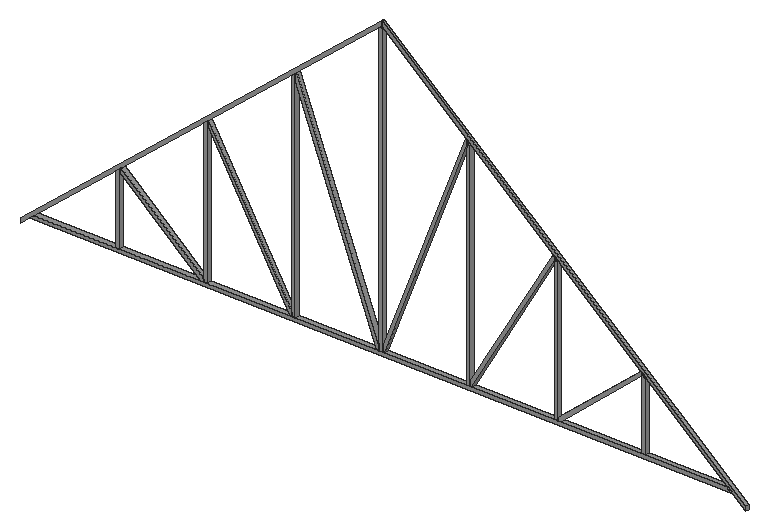
Revit family "TripleHoweTruss", category Structural Framing, Revit 2020
Family settings
  Section Shape = Not Defined
  Material for Model Behavior = Wood
  Always export as geometry = No
  OmniClass Number = 23.25.30.21.14
  OmniClass Title = Trussed Beams and Joists
  Work Plane-Based = No
  Always vertical = Yes
  Cut with Voids When Loaded = No
  Symbolic Representation = From Family
  Shared = No
  Show family pre-cut in plan views = Yes
Parameters
  WebWidth [instance] = 120 mm
  WebDepth [instance] = 100 mm
  T_Volume [instance] = 0.00 m³
  TopWidth [instance] = 80 mm
  Structural Material [instance] = Poche
  SpanRight [instance] = 10000 mm
  SpanLeft [instance] = 10000 mm
  Span [instance] = SpanLeft + SpanRight  # 20000 mm
  SlopeRight [instance] = 40.00°
  SlopeLeft [instance] = 40.00°
  OverhangRight [instance] = 300 mm
  OverhangLeft [instance] = 400 mm
  TopDepth [instance] = 100 mm
  BottomWidth [instance] = 150 mm
  BottomDepth [instance] = 100 mm
Reference planes
  plane 1 "Center (Front/Back)": y = 0
  plane 2: z = 0
  plane 3 "Center (Left/Right)": x = 0
  plane 4: x = -10000
  plane 5: x = 10000
  plane 6: x = 10400
  plane 7: x = -10300
  plane 8: z = 100
  plane 9: x = 50
  plane 10: x = -50
  plane 11: x = 2500
  plane 12: x = 7500
  plane 13: x = 5000
  plane 14: x = -2500
  plane 15: x = -7500
  plane 16: x = -5000
  plane 17: x = 2450
  plane 18: x = 2550
  plane 19: x = 4950
  plane 20: x = 5050
  plane 21: x = 7450
  plane 22: x = 7550
  plane 23: x = -2550
  plane 24: x = -2450
  plane 25: x = -5050
  plane 26: x = -4950
  plane 27: x = -7550
  plane 28: x = -7450
Forms (mm)
  Extrusion 1, solid, material "Cherry"
    sketch origin (0, 0, 0) x (1, 0, 0) y (0, 0, 1)
      loop
        line (-7550, 2055.794) -> (-7550, 100) -> (-7450, 100) -> (-7450, 2139.704) -> (-7550, 2055.794)
    from -60 to 60
  Extrusion 2, solid, material "Cherry"
    sketch origin (0, 0, 0) x (1, 0, 0) y (0, 0, 1)
      loop
        line (-4950, 4237.453) -> (-5050, 4153.543) -> (-5050, 100) -> (-4950, 100) -> (-4950, 4237.453)
    from -60 to 60
  Extrusion 3, solid, material "Cherry"
    sketch origin (0, 0, 0) x (1, 0, 0) y (0, 0, 1)
      loop
        line (-2450, 6335.202) -> (-2550, 6251.292) -> (-2550, 100) -> (-2450, 100) -> (-2450, 6335.202)
    from -60 to 60
  Extrusion 4, solid, material "Cherry"
    sketch origin (0, 0, 0) x (1, 0, 0) y (0, 0, 1)
      loop
        line (50, 100) -> (50, 8349.041) -> (0, 8390.996) -> (-50, 8349.041) -> (-50, 100) -> (50, 100)
    from -60 to 60
  Extrusion 5, solid, material "Cherry"
    sketch origin (0, 0, 0) x (1, 0, 0) y (0, 0, 1)
      loop
        line (2550, 6251.292) -> (2450, 6335.202) -> (2450, 100) -> (2550, 100) -> (2550, 6251.292)
    from -60 to 60
  Extrusion 6, solid, material "Cherry"
    sketch origin (0, 0, 0) x (1, 0, 0) y (0, 0, 1)
      loop
        line (5050, 4153.543) -> (4950, 4237.453) -> (4950, 100) -> (5050, 100) -> (5050, 4153.543)
    from -60 to 60
  Extrusion 7, solid, material "Cherry"
    sketch origin (0, 0, 0) x (1, 0, 0) y (0, 0, 1)
      loop
        line (7550, 2055.794) -> (7450, 2139.704) -> (7450, 100) -> (7550, 100) -> (7550, 2055.794)
    from -60 to 60
  Extrusion 8, solid, material "Cherry"
    sketch origin (0, 0, 0) x (1, 0, 0) y (0, 0, 1)
      loop
        line (5127.209, 100) -> (7450, 2074.086) -> (7450, 2139.704) -> (7411.149, 2172.304) -> (5050, 165.618) -> (5050, 100) -> (5127.209, 100)
    from -60 to 60
  Extrusion 9, solid, material "Cherry"
    sketch origin (0, 0, 0) x (1, 0, 0) y (0, 0, 1)
      loop
        line (-5050, 165.618) -> (-7411.149, 2172.304) -> (-7450, 2139.704) -> (-7450, 2074.086) -> (-5127.209, 100) -> (-5050, 100) -> (-5050, 165.618)
    from -60 to 60
  Extrusion 10, solid, material "Cherry"
    sketch origin (0, 0, 0) x (1, 0, 0) y (0, 0, 1)
      loop
        line (5127.209, 100) -> (7450, 2074.086) -> (7450, 2139.704) -> (7411.149, 2172.304) -> (5050, 165.618) -> (5050, 100) -> (5127.209, 100)
    from -60 to 60
  Extrusion 11, solid, material "Cherry"
    sketch origin (0, 0, 0) x (1, 0, 0) y (0, 0, 1)
      loop
        line (2607.803, 100) -> (4950, 4137.804) -> (4950, 4237.453) -> (4911.121, 4270.077) -> (2550, 199.649) -> (2550, 100) -> (2607.803, 100)
    from -60 to 60
  Extrusion 12, solid, material "Cherry"
    sketch origin (0, 0, 0) x (1, 0, 0) y (0, 0, 1)
      loop
        line (103.576, 100) -> (2450, 6196.012) -> (2450, 6335.202) -> (2409.503, 6369.183) -> (50, 239.191) -> (50, 100) -> (103.576, 100)
    from -60 to 60
  Extrusion 13, solid, material "Cherry"
    sketch origin (0, 0, 0) x (1, 0, 0) y (0, 0, 1)
      loop
        line (-50, 239.191) -> (-2409.503, 6369.183) -> (-2450, 6335.202) -> (-2450, 6196.012) -> (-103.576, 100) -> (-50, 100) -> (-50, 239.191)
    from -60 to 60
  Extrusion 14, solid, material "Cherry"
    sketch origin (0, 0, 0) x (1, 0, 0) y (0, 0, 1)
      loop
        line (-2550, 199.649) -> (-4911.121, 4270.077) -> (-4950, 4237.453) -> (-4950, 4137.804) -> (-2607.803, 100) -> (-2550, 100) -> (-2550, 199.649)
    from -60 to 60
  Extrusion 15, solid, material "Cherry"
    sketch origin (0, 0, 0) x (1, 0, 0) y (0, 0, 1)
      loop
        line (9880.825, 100) -> (-9880.825, 100) -> (-10000, 0) -> (10000, 0) -> (9880.825, 100)
    from -75 to 75
  Extrusion 16, solid, material "Cherry"
    sketch origin (0, 0, 0) x (1, 0, 0) y (0, 0, 1)
      loop
        line (-10300, -251.73) -> (0, 8390.996) -> (0, 8521.537) -> (-10300, -121.189) -> (-10300, -251.73)
    from -40 to 40
  Extrusion 17, solid, material "Cherry"
    sketch origin (0, 0, 0) x (1, 0, 0) y (0, 0, 1)
      loop
        line (10400, -335.64) -> (10400, -205.099) -> (0, 8521.537) -> (0, 8390.996) -> (10400, -335.64)
    from -40 to 40
Lines and regions (mm)
  reference lines
    curve 1: line (10000, 0, 0) -> (0, 0, 8390.996)
    curve 2: line (-10000, 0, 0) -> (0, 0, 8390.996)
    curve 3: line (10001.738, 0, 129.083) -> (-8.024, 0, 8528.27)
    curve 4: line (-9999.444, 0, 131.007) -> (-84.65, 0, 8450.507)
    curve 5: line (0, 40, 1939.254) -> (0, 40, -520.746)
    curve 6: line (0, -40, 1939.254) -> (0, -40, -520.746)
    curve 7: line (0, -60, 1939.254) -> (0, -60, -520.746)
    curve 8: line (0, -75, 1939.254) -> (0, -75, -520.746)
    curve 9: line (0, 60, 1939.254) -> (0, 60, -520.746)
    curve 10: line (0, 75, 1939.254) -> (0, 75, -520.746)
    curve 11: line (50, 0, 100) -> (2450, 0, 6335.202)
    curve 12: line (2550, 0, 100) -> (4950, 0, 4237.453)
    curve 13: line (5050, 0, 100) -> (7450, 0, 2139.704)
    curve 14: line (-50, 0, 100) -> (-2450, 0, 6335.202)
    curve 15: line (-2550, 0, 100) -> (-4950, 0, 4237.453)
    curve 16: line (-5050, 0, 100) -> (-7450, 0, 2139.704)
    curve 17: line (-5079.289, 0, 190.51) -> (-7379.289, 0, 2145.227)
    curve 18: line (-4952.282, 0, -48.667) -> (-7420.711, 0, 2049.194)
    curve 19: line (-2559.693, 0, 216.359) -> (-4859.693, 0, 4181.418)
    curve 20: line (-2553.553, 0, 6.476) -> (-4940.307, 0, 4121.094)
    curve 21: line (-54.683, 0, 251.358) -> (-2354.683, 0, 6226.76)
    curve 22: line (-63.942, 0, -2.971) -> (-2445.317, 0, 6183.844)
    curve 23: line (54.683, 0, 251.358) -> (2354.683, 0, 6226.76)
    curve 24: line (63.942, 0, -2.971) -> (2445.317, 0, 6183.844)
    curve 25: line (2559.693, 0, 216.359) -> (4859.693, 0, 4181.418)
    curve 26: line (2553.553, 0, 6.476) -> (4940.307, 0, 4121.094)
    curve 27: line (5077.463, 0, 188.958) -> (7377.463, 0, 2143.675)
    curve 28: line (4952.282, 0, -48.667) -> (7420.711, 0, 2049.194)
Dimensions and locks
  "SpanLeft": plane 3 "Center (Left/Right)" to plane 5
  "SpanRight": plane 3 "Center (Left/Right)" to plane 4
  "OverhangLeft": plane 5 to plane 6
  "OverhangRight": plane 7 to plane 4
  "BottomDepth": level to plane 8
  equal spacing: plane 10, plane 3 "Center (Left/Right)", plane 9
  "TopDepth": curve 1 to curve 3
  "TopDepth": curve 4 to curve 2
  equal spacing: curve 5, curve 4, curve 6
  "TopWidth": curve 5 to curve 6
  equal spacing: curve 9, curve 4, curve 7
  "WebWidth": curve 9 to curve 7
  equal spacing: curve 10, curve 4, curve 8
  "BottomWidth": curve 10 to curve 8
  plane 5 to plane 3 "Center (Left/Right)" = 10000 mm
  plane 4 to plane 3 "Center (Left/Right)" = 10000 mm
  equal spacing: plane 5, plane 12, plane 13, plane 11, plane 3 "Center (Left/Right)"
  equal spacing: plane 3 "Center (Left/Right)", plane 14, plane 16, plane 15, plane 4
  equal spacing: plane 28, plane 15, plane 27
  equal spacing: plane 26, plane 16, plane 25
  equal spacing: plane 24, plane 14, plane 23
  equal spacing: plane 9, plane 3 "Center (Left/Right)", plane 10
  equal spacing: plane 18, plane 11, plane 17
  equal spacing: plane 20, plane 13, plane 19
  equal spacing: plane 22, plane 12, plane 21
  "WebDepth": plane 28 to plane 27
  "WebDepth": plane 26 to plane 25
  "WebDepth": plane 24 to plane 23
  "WebDepth": plane 9 to plane 10
  "WebDepth": plane 18 to plane 17
  "WebDepth": plane 20 to plane 19
  "WebDepth": plane 22 to plane 21
  equal spacing: curve 17, curve 16, curve 18
  equal spacing: curve 19, curve 15, curve 20
  equal spacing: curve 21, curve 14, curve 22
  equal spacing: curve 24, curve 11, curve 23
  equal spacing: curve 26, curve 12, curve 25
  equal spacing: curve 28, curve 13, curve 27
  "WebDepth": curve 17 to curve 18
  "WebDepth": curve 19 to curve 20
  "WebDepth": curve 21 to curve 22
  "WebDepth": curve 24 to curve 23
  "WebDepth": curve 26 to curve 25
  "WebDepth": curve 28 to curve 27
  "SlopeLeft": angle level to curve 1
  "SlopeRight": angle curve 2 to level
  aligned and locked: plane 2 to level
  aligned and locked: plane 3 "Center (Left/Right)" to curve 1
  aligned and locked: plane 5 to curve 1
  aligned and locked: curve 1 to level
  aligned and locked: level to curve 2
  aligned and locked: curve 2 to Extrusion 1 sketch curve
  aligned and locked: plane 28 to Extrusion 1 sketch curve
  aligned and locked: Extrusion 1 sketch curve to plane 27
  aligned and locked: Extrusion 1 sketch curve to plane 8
  aligned and locked: plane 26 to Extrusion 2 sketch curve
  aligned and locked: Extrusion 2 sketch curve to plane 25
  aligned and locked: curve 2 to Extrusion 2 sketch curve
  aligned and locked: Extrusion 2 sketch curve to plane 8
  aligned and locked: Extrusion 3 sketch curve to plane 24
  aligned and locked: Extrusion 3 sketch curve to plane 23
  aligned and locked: curve 2 to Extrusion 3 sketch curve
  aligned and locked: Extrusion 3 sketch curve to plane 8
  aligned and locked: Extrusion 4 sketch curve to plane 9
  aligned and locked: plane 10 to Extrusion 4 sketch curve
  aligned and locked: curve 1 to Extrusion 4 sketch curve
  aligned and locked: curve 2 to Extrusion 4 sketch curve
  aligned and locked: Extrusion 4 sketch curve to plane 8
  aligned and locked: Extrusion 5 sketch curve to plane 18
  aligned and locked: Extrusion 5 sketch curve to plane 17
  aligned and locked: curve 1 to Extrusion 5 sketch curve
  aligned and locked: Extrusion 5 sketch curve to plane 8
  aligned and locked: plane 20 to Extrusion 6 sketch curve
  aligned and locked: Extrusion 6 sketch curve to plane 19
  aligned and locked: curve 1 to Extrusion 6 sketch curve
  aligned and locked: plane 22 to Extrusion 7 sketch curve
  aligned and locked: Extrusion 7 sketch curve to plane 21
  aligned and locked: plane 8 to Extrusion 7 sketch curve
  aligned and locked: curve 1 to Extrusion 7 sketch curve
  aligned and locked: curve 28 to Extrusion 8 sketch curve
  aligned and locked: Extrusion 8 sketch curve to curve 27
  aligned and locked: Extrusion 8 sketch curve to Extrusion 7
  aligned and locked: curve 1 to Extrusion 8 sketch curve
  aligned and locked: Extrusion 8 sketch curve to Extrusion 6
  aligned and locked: Extrusion 8 sketch curve to plane 8
  aligned and locked: Extrusion 9 sketch curve to curve 17
  aligned and locked: curve 18 to Extrusion 9 sketch curve
  aligned and locked: curve 2 to Extrusion 9 sketch curve
  aligned and locked: Extrusion 1 to Extrusion 9 sketch curve
  aligned and locked: Extrusion 2 to Extrusion 9 sketch curve
  aligned and locked: Extrusion 9 sketch curve to plane 8
  aligned and locked: Extrusion 10 sketch curve to Extrusion 8  (x2)
  aligned and locked: curve 1 to Extrusion 10 sketch curve
  aligned and locked: Extrusion 10 sketch curve to plane 8
  aligned and locked: Extrusion 10 sketch curve to Extrusion 6
  aligned and locked: Extrusion 10 sketch curve to Extrusion 7
  aligned and locked: curve 26 to Extrusion 11 sketch curve
  aligned and locked: Extrusion 11 sketch curve to Extrusion 6
  aligned and locked: Extrusion 11 sketch curve to curve 25
  aligned and locked: Extrusion 11 sketch curve to plane 8
  aligned and locked: Extrusion 11 sketch curve to Extrusion 5
  aligned and locked: curve 1 to Extrusion 11 sketch curve
  aligned and locked: curve 24 to Extrusion 12 sketch curve
  aligned and locked: Extrusion 12 sketch curve to curve 23
  aligned and locked: Extrusion 12 sketch curve to Extrusion 5
  aligned and locked: curve 1 to Extrusion 12 sketch curve
  aligned and locked: Extrusion 12 sketch curve to Extrusion 4
  aligned and locked: Extrusion 12 sketch curve to plane 8
  aligned and locked: Extrusion 13 sketch curve to curve 21
  aligned and locked: curve 22 to Extrusion 13 sketch curve
  aligned and locked: curve 2 to Extrusion 13 sketch curve
  aligned and locked: Extrusion 4 to Extrusion 13 sketch curve
  aligned and locked: Extrusion 13 sketch curve to plane 8
  aligned and locked: Extrusion 3 to Extrusion 13 sketch curve
  aligned and locked: Extrusion 14 sketch curve to curve 19
  aligned and locked: curve 20 to Extrusion 14 sketch curve
  aligned and locked: curve 2 to Extrusion 14 sketch curve
  aligned and locked: Extrusion 2 to Extrusion 14 sketch curve
  aligned and locked: Extrusion 14 sketch curve to plane 8
  aligned and locked: Extrusion 3 to Extrusion 14 sketch curve
  aligned and locked: Extrusion 3 to curve 9
  aligned and locked: Extrusion 3 to curve 7
  aligned and locked: Extrusion 2 to curve 9
  aligned and locked: Extrusion 2 to curve 7
  aligned and locked: Extrusion 1 to curve 9
  aligned and locked: Extrusion 1 to curve 7
  aligned and locked: Extrusion 9 to curve 9
  aligned and locked: Extrusion 9 to curve 7
  aligned and locked: Extrusion 14 to curve 9
  aligned and locked: Extrusion 14 to curve 7
  aligned and locked: Extrusion 10 to curve 9
  aligned and locked: Extrusion 10 to curve 7
  aligned and locked: Extrusion 13 to curve 9
  aligned and locked: Extrusion 13 to curve 7
  aligned and locked: Extrusion 8 to curve 9
  aligned and locked: Extrusion 8 to curve 7
  aligned and locked: Extrusion 4 to curve 9
  aligned and locked: Extrusion 4 to curve 7
  aligned and locked: Extrusion 12 to curve 9
  aligned and locked: Extrusion 12 to curve 7
  aligned and locked: Extrusion 5 to curve 9
  aligned and locked: Extrusion 5 to curve 7
  aligned and locked: Extrusion 11 to curve 9
  aligned and locked: Extrusion 11 to curve 7
  aligned and locked: Extrusion 7 to curve 9
  aligned and locked: Extrusion 7 to curve 7
  aligned and locked: Extrusion 6 to curve 9
  aligned and locked: Extrusion 6 to curve 7
  aligned and locked: Extrusion 15 sketch curve to plane 8
  aligned and locked: Extrusion 15 sketch curve to level
  aligned and locked: Extrusion 15 sketch curve to curve 2
  aligned and locked: Extrusion 15 sketch curve to curve 1
  aligned and locked: curve 10 to Extrusion 15
  aligned and locked: Extrusion 15 to curve 8
  aligned and locked: Extrusion 16 sketch curve to curve 2
  aligned and locked: Extrusion 16 sketch curve to curve 4
  aligned and locked: Extrusion 16 sketch curve to plane 7
  aligned and locked: Extrusion 16 sketch curve to curve 10
  aligned and locked: Extrusion 17 sketch curve to curve 1
  aligned and locked: Extrusion 17 sketch curve to curve 3
  aligned and locked: plane 6 to Extrusion 17 sketch curve
  aligned and locked: Extrusion 17 sketch curve to curve 10
  aligned and locked: Extrusion 16 to curve 5
  aligned and locked: Extrusion 16 to curve 6
  aligned and locked: Extrusion 17 to Extrusion 16  (x2)
Automatic sketch dimensions
  Extrusion 6 sketch curve to plane 8 = 0 mm
  curve 16 to plane 28 = 0 mm
  curve 16 to plane 8 = 0 mm
  curve 16 to plane 25 = 0 mm
  curve 15 to plane 26 = 0 mm
  curve 15 to plane 8 = 0 mm
  curve 15 to plane 23 = 0 mm
  curve 14 to plane 24 = 0 mm
  curve 14 to plane 8 = 0 mm
  curve 14 to plane 10 = 0 mm
  curve 11 to plane 8 = 0 mm
  plane 9 to curve 11 = 0 mm
  curve 11 to plane 17 = 0 mm
  curve 12 to plane 8 = 0 mm
  plane 18 to curve 12 = 0 mm
  curve 12 to plane 19 = 0 mm
  curve 13 to plane 8 = 0 mm
  plane 20 to curve 13 = 0 mm
  curve 13 to plane 21 = 0 mm
  curve 4 to plane 4 = 0.556 mm
  curve 18 to plane 28 = 29.289 mm
  curve 17 to plane 28 = 70.711 mm
  curve 17 to plane 25 = 29.289 mm
  plane 26 to curve 18 = 2.282 mm
  curve 20 to plane 26 = 9.693 mm
  curve 19 to plane 26 = 90.307 mm
  curve 19 to plane 23 = 9.693 mm
  curve 20 to plane 23 = 3.553 mm
  curve 22 to plane 24 = 4.683 mm
  curve 21 to plane 24 = 95.317 mm
  curve 22 to level = 2.971 mm
  curve 4 to plane 10 = 34.65 mm
  curve 21 to plane 10 = 4.683 mm
  curve 3 to plane 3 "Center (Left/Right)" = 8.024 mm
  curve 23 to plane 9 = 4.683 mm
  curve 24 to level = 2.971 mm
  curve 23 to plane 17 = 95.317 mm
  curve 24 to plane 17 = 4.683 mm
  curve 26 to plane 18 = 3.553 mm
  curve 25 to plane 18 = 9.693 mm
  curve 25 to plane 19 = 90.307 mm
  curve 26 to plane 19 = 9.693 mm
  plane 19 to curve 28 = 2.282 mm
  curve 27 to plane 20 = 27.463 mm
  curve 27 to plane 21 = 72.537 mm
  curve 28 to plane 21 = 29.289 mm
  curve 3 to plane 5 = 1.738 mm
  curve 10 to level = 520.746 mm
  curve 5 to curve 10 = 0 mm
  curve 8 to curve 5 = 0 mm
  curve 8 to curve 6 = 0 mm  (x2)
  curve 8 to curve 7 = 0 mm  (x2)
  curve 9 to curve 10 = 0 mm  (x2)
  plane 8 to curve 6 = 1839.254 mm
  curve 6 to curve 9 = 0 mm
  curve 5 to curve 9 = 0 mm
